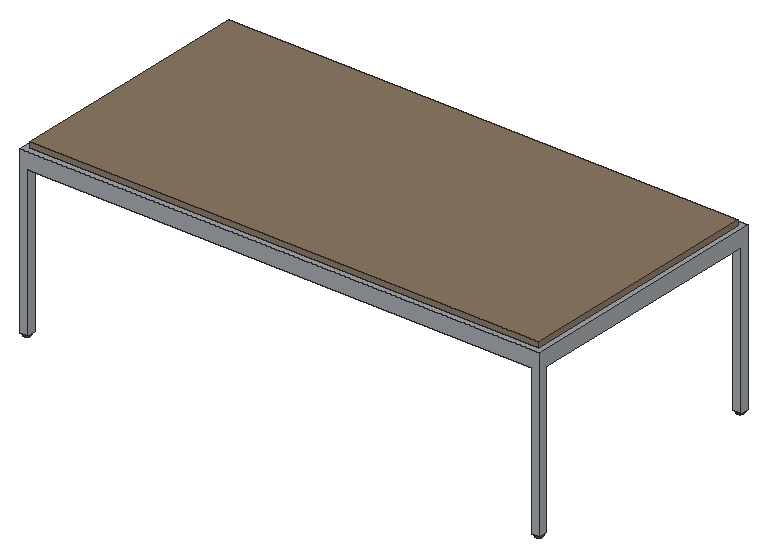
Revit family
Parameters
  URL = "http://www.martinbrattrud.com"
  Table Top [instance] = none
  SCS Certified Product = "Yes"
  Model = "Braemar 784-48RL"
  Manufacturer = "Martin Brattrud, Inc."
  Leg [instance] = none
  Keynote = "125000"
  Foot [instance] = none
  Copyright = "© 2013 Martin Brattrud, Inc."
  Authoring Version = "Revit Architecture 2010"
  Assembly Code = "E2020200"
Reference planes (in)
  plane 1 "Center Front/Back": y = 0
  plane 2: z = 0
  plane 3 "Center Left/Right": x = 0
Forms (in)
  Extrusion 1, solid, material <- "Table Top"
    sketch origin (0, 0, 0) x (1, 0, 0) y (0, 1, 0)
      loop
        line (-23.5, 11.5) -> (-23.5, -11.5) -> (23.5, -11.5) -> (23.5, 11.5) -> (-23.5, 11.5)
    from 15.5 to 16
  Extrusion 2, solid, material <- "Leg"
    sketch origin (0, 0.0625, 0) x (1, 0, 0) y (0, 1, 0)
      loop
        line (23.25, 11.1875) -> (-23.25, 11.1875) -> (-23.25, -11.3125) -> (23.25, -11.3125) -> (23.25, 11.1875)
    from 14.99581 to 15.5
  Extrusion 3, solid, material <- "Leg"
    sketch origin (0, 0.0625, 0) x (0, 1, 0) y (0, 0, 1)
      loop
        line (11.9375, 15.5) -> (11.1875, 15.5) -> (11.1875, 13.975) -> (11.9375, 13.975) -> (11.9375, 15.5)
      loop
        line (-12.0625, 15.5) -> (-12.0625, 13.975) -> (-11.3125, 13.975) -> (-11.3125, 15.5) -> (-12.0625, 15.5)
    from -23.25 to 23.25
  Revolve 4, solid, material <- "Foot"
    sketch origin (-23.62344, 7.25493, 47.97762) x (0, -1, 0) y (0, 0, -1)
      loop
        line (19.00198, 48) -> (18.8767, 48) -> (18.8767, 47.75) -> (19.2517, 47.75)
        arc (19.2517, 47.75) -> (19.17858, 47.92668) -> (19.00198, 48) r 0.25
      axis (18.8767, 48) -> (18.8767, 47.75)
    angle from 0 to 360
  Extrusion 5, solid, material <- "Leg"
    sketch origin (9, 0.0625, 0) x (0, 1, 0) y (0, 0, 1)
      loop
        line (11.9375, 0.25) -> (11.9375, 15.5) -> (-12.0625, 15.5) -> (-12.0625, 0.25) -> (-11.3125, 0.25) -> (-11.3125, 13.975) -> (11.1875, 13.975) -> (11.1875, 0.25) -> (11.9375, 0.25)
    from 14.25 to 15
  Extrusion 6, solid, material <- "Leg"
    sketch origin (-9, 0.0625, 0) x (0, 1, 0) y (0, 0, -1)
      loop
        line (11.9375, -0.25) -> (11.1875, -0.25) -> (11.1875, -13.975) -> (-11.3125, -13.975) -> (-11.3125, -0.25) -> (-12.0625, -0.25) -> (-12.0625, -15.5) -> (11.9375, -15.5) -> (11.9375, -0.25)
    from 14.25 to 15
  Revolve 7, solid, material <- "Foot"
    sketch origin (-23.62344, -7.25493, 47.97762) x (0, 1, 0) y (0, 0, 1)
      loop
        arc (19.00198, -48) -> (19.17858, -47.92668) -> (19.2517, -47.75) r 0.25
        line (19.2517, -47.75) -> (18.8767, -47.75) -> (18.8767, -48) -> (19.00198, -48)
      axis (18.8767, -48) -> (18.8767, -47.75)
    angle from 0 to 360
  Revolve 8, solid, material <- "Foot"
    sketch origin (23.62344, 7.25493, 47.97762) x (0, -1, 0) y (0, 0, 1)
      loop
        arc (19.00198, -48) -> (19.17858, -47.92668) -> (19.2517, -47.75) r 0.25
        line (19.2517, -47.75) -> (18.8767, -47.75) -> (18.8767, -48) -> (19.00198, -48)
      axis (18.8767, -48) -> (18.8767, -47.75)
    angle from 0 to 360
  Revolve 9, solid, material <- "Foot"
    sketch origin (23.62344, -7.25493, 47.97762) x (0, 1, 0) y (0, 0, -1)
      loop
        line (19.00198, 48) -> (18.8767, 48) -> (18.8767, 47.75) -> (19.2517, 47.75)
        arc (19.2517, 47.75) -> (19.17858, 47.92668) -> (19.00198, 48) r 0.25
      axis (18.8767, 48) -> (18.8767, 47.75)
    angle from 0 to 360
Cuts and joins
  joined: Extrusion 2, Extrusion 3, Extrusion 5, Extrusion 6
